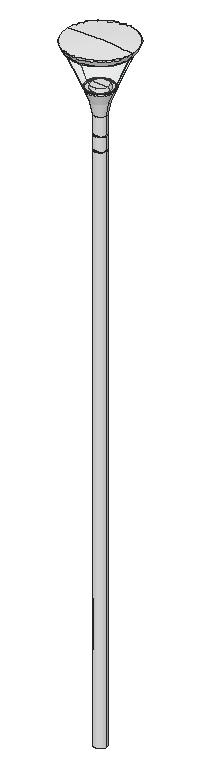
Revit family "CONV_Focus_GnrlPrpseLmnrs_SkyPark", category Lighting Fixtures, Revit 2017
Family settings
  Round Connector Dimension = Use Diameter
  Part Type = Normal
  OmniClass Number = 23.80.70.14
  OmniClass Title = Luminaries for External Lighting
  Work Plane-Based = No
  Always vertical = Yes
  Cut with Voids When Loaded = No
  Light Source = Yes
  Shared = No
  Room Calculation Point = No
Parameters (values of type "Sky Park LED 2700K, max 4550 lm")
  Youtube clip = "https://www.youtube.com/watch?v=FqFnvlRtCvg"
  Weight Net (Kg) = "8"
  Weight = "8.4 kg"
  Wattage = 10.4348 W
  WarrantyStartDate [instance] = "n/a"
  WarrantyGuarantorParts = "n/a"
  WarrantyGuarantorLabor = "n/a"
  WarrantyDurationUnit = "Hours"
  WarrantyDurationParts = "n/a"
  WarrantyDurationLabor = "n/a"
  WarrantyDescription = "n/a"
  built-in parameter 1150110 = 1 (stored number, unit not read)
  VersionDate = "25/02/2019"  # constant formula
  Version = "1"  # constant formula
  UsageCurrent = 22 A
  Uniformat II Description = ""
  Uniformat II Code = ""
  Uniclass2015Reference = "Pr_70_70_48_46"
  Uniclass2015Description = "Light-emitting diode (LED) luminaires"
  Uniclass2 = "Pr_70_70_49_43"
  Uniclass 2015 Name = ""
  Uniclass 2015 Code = ""
  Uniclass 2.0 Description = ""
  Uniclass 2.0 Code = ""
  Uniclass 1.4 Description = ""
  Uniclass 1.4 Code = ""
  URL = "https://www.focus-lighting.dk/products/sky-park/sky-park/"
  UNSPSC Code = "3911"
  TotalWattage = 40 W
  built-in parameter 1114217 = 1 (stored number, unit not read)
  Tilt Angle = -90.00°
  built-in parameter 1150109 = 1 (stored number, unit not read)
  built-in parameter 1150134 = (empty or 0)
  Technical description = "http://www.focus-lighting.dk/media/72731/skypark_eng_productdata.pdf"
  TagNumber [instance] = "n/a"
  SustainabilityPerformance = "n/a"
  built-in parameter 1150113 = 1 (stored number, unit not read)
  Size = "480 x 480 x 4618 mm"
  Shape = "Sculptured"
  SerialNumber [instance] = "n/a"
  Revision = "1"  # constant formula
  ReplacementCost = "n/a"
  Region South America = "None"
  Region Oceania = "None"
  Region North America = "None"
  Region Middle East = "None"
  Region Europe = "DE, DK, SE"
  Region Asia = "None"
  Region Antarctica = "None"
  Region Africa = "None"
  QR code = "http://bimobject.com/focuslighting/product/8830-4827"
  ProductInformation = "n/a"
  ProductDatasheet = "https://www.focus-lighting.dk/media/72731/skypark_eng_productdata.pdf"
  Product url = "http://www.focus-lighting.dk/products/sky-park/sky-park/"
  Product group = "SkyPark"
  Product family = "Outdoor"
  Product data url = "https://bimobject.com/focuslighting/product/8830-4827"
  Product certification = ""
  Product SKU = "8830-4827"
  Product Guid = "d1a2a0f7-de18-4b5b-9757-2e78987ef951"
  Photometric Web File = "Sky_827.IES"
  PhaseReference = "n/a"
  PhaseAngle = 0.00°
  OtherControlOptions = "DALI, Line switch, AmpDim; DALI via Zhaga book 18 socket"
  OmniClass Description = ""
  OmniClass Code = ""
  NumberOfSources = 0
  NumberOfPoles = 1
  NominalVoltageCalc = 220 V
  NominalVoltage = 220 V
  NominalRadius = 0 mm
  NominalFrequencyRange = 50 Hz
  NominalDiameter = 0 mm
  NominalDepth = 480 mm
  NominalCurrent = 0 A
  Nominal width = 480 mm
  Nominal height = 618 mm
  Name = "GnrlPrpseLmnrs_SkyPark"
  NBSReference = "90-60-50/405"
  NBSDescription = "General purpose luminaires"
  NBS Reference Description = ""
  NBS Reference Code = ""
  ModelReference = "8833-"
  ModelNumber = "n/a"
  Model = "Sky Park LED 2700K, max 4550 lm"
  Material secondary = "Polycarbonate"
  Material main = "Aluminium"
  Material = "Cast aluminium & polycarbonate"
  Masterformat 2014 Description = ""
  Masterformat 2014 Code = ""
  ManufacturersSpecificInformation = "n/a"
  ManufacturerURL = "https://www.focus-lighting.dk/home/"
  ManufacturerName = "Focus Lighting"
  Manufacturer name = ""
  Manufacturer country = "Denmark"
  Manufacturer = "Focus Lighting"
  MaintenanceFactor = 0
  Lumens = 1550 lm
  built-in parameter 1150115 = 1 (stored number, unit not read)
  built-in parameter 1150105 = 252.6 (stored number, unit not read)
  LightingProtectionClassification = "Class II"
  LightSource = "LED Bridgelux VERO 18"
  LightFixturePlacingType = "Floor"
  LightFixtureMountingType = "Surface"
  LightFixtureMainMaterial [instance] = Die cast aluminum graphite grey
  built-in parameter 1150137 = (empty or 0)
  built-in parameter 1150139 = (empty or 0)
  LensMaterial = Clear polycarbonate
  built-in parameter 1150112 = 1 (stored number, unit not read)
  built-in parameter 1150114 = 1 (stored number, unit not read)
  InsulationStandardClass = "n/a"
  InstallationDate [instance] = "n/a"
  Installation instructions = "http://www.focus-lighting.dk/media/5002/skypark_instruction.pdf"
  built-in parameter 1150132 = 2
  built-in parameter 1150102 = (empty or 0)
  built-in parameter 1150138 = (empty or 0)
  built-in parameter 1150107 = 2700 (stored number, unit not read)
  ImpactResistance = "IK10"
  built-in parameter 1150106 = 2.526 (stored number, unit not read)
  IfcExportType = "NOTDEFINED"  # constant formula
  IfcExportAs = "IfcLightFixtureType"  # constant formula
  IP_Code = "IP 66"
  IFC Classification = "Light Fixture"
  HasProtectiveEarth = no
  Grade = "n/a"
  GTIN code = ""
  Finish = "Cast aluminium : Graphite grey: SW302G (close to RAL 9007); Silver grey: MW300D; Corten brown: YX355F Mars 2525; Black: Noir 900 Sablé SN351F. Diffuser: Clear polycarbonate with UV-resistant acrylic. Option for screen for asymmetrical light."
  Features = "Mounting: On pole, 60 mm top diameter, or on 90 mm pole with 100 mm top pipe In case of 90 mm pole, the connection ring 8005- is required. 4.5 m PKL-lead, 2x1.5 mm2, mounted in the luminaire."
  ExpectedLife = "Min 100,000 hours"
  ElectricalDeviceNominalPower = 0
  built-in parameter 1150104 = 13.8 (stored number, unit not read)
  Edition number = 1
  DurationUnit = "Hours"
  Driver = "Xitanium Full Xi FP 40 W 0.3-1.0 A programmable"
  Dimming Lamp Color Temperature Shift = <None>
  Dimming = "8-100% programming range"
  Designer = "AART designers"
  Design country = "Denmark"
  Description = "The simple main shape of the Sky lantern reflects the direction and natural spread of light and facilitates the interaction between design and lighting technology. The high-quality materials and the elegant shape make the luminaire very suitable for a wide variety of functions. The cylindrical unit between lantern and pole offers the possibility of customized branding."
  DefaultElevation = 0 mm
  Date of publishing = "4/22/2015"
  CorrosionResistance = "C4"
  ConvergoRefNr = "0154-1802-0002-DK"
  Constituents = "n/a"
  ColourTolerance = "3 steps SDCM"
  ColourRenderingIndex = "min 80 Ra, typically 85 Ra"
  Color Filter = 16777215
  Color = "Various"
  Collection = "Sky"
  CodePerformance = "n/a"
  Category = "Outdoor"
  COBIe Type Category = ""
  Brand url = "http://focus-lighting.dk"
  Brand = "Focus Lighting"
  Barcode [instance] = "n/a"
  built-in parameter 1114218 = 1 (stored number, unit not read)
  BIMobject main category code = "lighting"
  BIMobject main category = "Lighting"
  BIMobject category code = "lighting-outside"
  BIMobject category = "Outside"
  BIMObjectName = "CONV_Focus_GnrlPrpseLmnrs_SkyPark"
  Author = "Convergo AB"  # constant formula
  built-in parameter 1150133 = 10 (stored number, unit not read)
  AssetType = "Fixed"
  AssetIdentifier [instance] = "n/a"
  ArticleNumber = "8833-"
  AccessibilityPerformance = "n/a"
Types (3, lengths in mm): name | Wattage | built-in parameter 1150134 | Photometric Web File | Model | Lumens | built-in parameter 1150105 | built-in parameter 1150107 | built-in parameter 1150106
  Sky Park LED 2700K, max 4550 lm | 10.4348 W | (empty or 0) | "Sky_827.IES" | "Sky Park LED 2700K, max 4550 lm" | 1550 lm | 252.6 (stored number, unit not read) | 2700 (stored number, unit not read) | 2.526 (stored number, unit not read)
  Sky Park LED 3000K, max 4800 lm | 11.108 W | (empty or 0) | "Sky_830.IES" | "Sky Park LED 3000K, max 4800 lm" | 1650 lm | 268.9 (stored number, unit not read) | 3000 (stored number, unit not read) | 2.689 (stored number, unit not read)
  Sky Park LED 4000K, max 4900 lm | 11.4446 W | 12 | "Sky_840.IES" | "Sky Park LED 4000K, max 4900 lm" | 1700 lm | 277.05 (stored number, unit not read) | 4000 (stored number, unit not read) | 2.7705 (stored number, unit not read)
Reference planes
  plane 1 "Light Source Axis (F/B)": y = 0
  plane 2: z = 0
  plane 3 "Light Source Axis (L/R)": x = 0
  plane 4 "Light Source Elevation": z = 4301.597
  plane 5: x = -240
  plane 6: y = 240
  plane 7: x = 240
  plane 8: y = -240
  plane 9: z = 4618
Dimensions and locks
  equal spacing: plane 5, plane 3 "Light Source Axis (L/R)", plane 7
  locked: plane 5 to plane 7 at 480
  equal spacing: plane 8, plane 1 "Light Source Axis (F/B)", plane 6
  "NominalDepth": plane 8 to plane 6
  locked: plane 9 to plane 2 at 4618
  aligned and locked: plane 3 "Light Source Axis (L/R)" to imposter light
  aligned and locked: imposter light to plane 1 "Light Source Axis (F/B)"
  aligned and locked: plane 4 "Light Source Elevation" to imposter light
  aligned and locked: level to plane 2
  aligned and locked: plane 4 "Light Source Elevation" to nested 1
Nested families
  nested 1: "SkyPark" at (0, 0, 0), BodyMaterial <- "LightFixtureMainMaterial", GlassMaterial <- "LensMaterial", type "Cast aluminum -  Sky park - Focus Lighting"
    with GlassMaterial Clear polycarbonate, BodyMaterial Die cast aluminum graphite grey
Connectors
  electrical at (0, 0, 0), driven by "NominalVoltage"
    settings: on nested 1, index 1, voltage 220 V, apparent load 0 VA, apparent load phase1 0 VA, apparent load phase2 0 VA, apparent load phase3 0 VA, power factor 1, load classification "Other", number of poles 1, system type 31, power factor state 1, is connector primary yes, connector utility no, sub classification motor no, connector description ""
Definition of nested family "SkyPark"
  Parameters (values of type "Cast aluminum -  Sky park - Focus Lighting")
    GlassMaterial [instance] = none
    BodyMaterial [instance] = none
  Reference planes
    plane 1 "Light Source Axis (F/B)": y = 0
    plane 2: z = 0
    plane 3 "Light Source Axis (L/R)": x = 0
    plane 4 "Light Source Elevation": z = 4618
    plane 5: x = 45
    plane 6: x = -45
    plane 7: y = 45
    plane 8: y = -45
    plane 9: x = 240
    plane 10: x = -240
    plane 11: y = 240
    plane 12: z = 4000
    plane 13: y = -240
    plane 14: z = 4557.597
    plane 15: z = 4301.597
  Forms (mm)
    Revolve 1, solid, material <- "BodyMaterial", detail levels medium+fine
      sketch origin (0, 0, 0) x (1, 0, 0) y (0, 0, 1)
        loop
          line (0, 0) -> (0, 4321.597) -> (-57.98, 4321.597) -> (-67.306, 4301.597) -> (-95.246, 4301.597)
          arc (-95.246, 4301.597) -> (-97.226, 4300.467) -> (-97.262, 4298.188) r 2.3
          arc (-97.262, 4298.188) -> (-62.635, 4216.784) -> (-45, 4130.097) r 439.775
          line (-45, 4130.097) -> (-45, 4002)
          arc (-45, 4002) -> (-44.414, 4000.586) -> (-43, 4000) r 2
          line (-43, 4000) -> (-30, 4000) -> (-30, 3900) -> (-43, 3900)
          arc (-43, 3900) -> (-44.414, 3899.414) -> (-45, 3898) r 2
          line (-45, 3898) -> (-45, 0) -> (0, 0)
        loop
          line (-214.652, 4557.597) -> (0, 4557.597) -> (0, 4618)
          arc (0, 4618) -> (-119.893, 4614.298) -> (-239.328, 4603.206) r 1943.212
          arc (-239.328, 4603.206) -> (-239.942, 4602.777) -> (-239.932, 4602.028) r 0.8
          line (-239.932, 4602.028) -> (-216.144, 4558.482)
          arc (-216.144, 4558.482) -> (-215.52, 4557.835) -> (-214.652, 4557.597) r 1.7
        axis (0, 4618) -> (0, 0)
      angle from 0 to 360
    Revolve 2, solid, material <- "GlassMaterial", detail levels medium+fine
      sketch origin (0, 0, -37.261) x (1, 0, 0) y (0, 0, 1)
        loop
          line (-211.794, 4594.891) -> (-211.794, 4589.91) -> (-100.388, 4341.809)
          arc (-100.388, 4341.809) -> (-98.543, 4339.66) -> (-95.827, 4338.857) r 5
          line (-95.827, 4338.857) -> (-88.76, 4338.857) -> (-88.76, 4343.481) -> (-96.754, 4343.481) -> (-207.794, 4590.767) -> (-207.794, 4594.891) -> (-211.794, 4594.891)
        axis (0, 4594.891) -> (0, 4338.857)
      angle from 0 to 360
    Extrusion 3, solid, material <- "BodyMaterial", detail levels coarse
      sketch origin (0, 0, 0) x (1, 0, 0) y (0, 1, 0)
        loop
          line (-240, 240) -> (-240, -240) -> (240, -240) -> (240, 240) -> (-240, 240)
      from 0 to 4618
    Extrusion 4, void
      sketch origin (0, -4.238, 0) x (0, 1, 0) y (0, 0, 1)
        loop
          arc (-36.696, 647.497) -> (4.238, 606.562) -> (45.172, 647.497) r 40.934
          line (45.172, 647.497) -> (45.172, 952.111)
          arc (45.172, 952.111) -> (4.238, 993.045) -> (-36.696, 952.111) r 40.934
          line (-36.696, 952.111) -> (-36.696, 647.497)
        loop
          line (-34.696, 952.111) -> (-34.696, 647.497)
          arc (-34.696, 647.497) -> (4.238, 608.562) -> (43.172, 647.497) r 38.934
          line (43.172, 647.497) -> (43.172, 952.111)
          arc (43.172, 952.111) -> (4.238, 991.045) -> (-34.696, 952.111) r 38.934
      from -72.55 to -5.7
    Revolve 5, solid, material <- "BodyMaterial", detail levels medium+fine
      sketch origin (0, 0, 0) x (1, 0, 0) y (0, 0, 1)
        loop
          arc (-43, 4000) -> (-44.414, 3999.414) -> (-45, 3998) r 2
          line (-45, 3998) -> (-45, 3902)
          arc (-45, 3902) -> (-44.414, 3900.586) -> (-43, 3900) r 2
          line (-43, 3900) -> (-30, 3900) -> (-30, 4000) -> (-43, 4000)
        axis (0, 4000) -> (0, 3900)
      angle from 0 to 360
  Cuts and joins
    Extrusion 4 cuts Revolve 1
  Lines and regions (mm)
    symbolic lines, detail levels medium+fine
      curve 1: circle (0, 0, 0) r 240 normal (0, 0, 1)
      curve 2: line (-45, 0, 0) -> (45, 0, 0)
      curve 3: line (45, 0, 0) -> (45, 0, 4130.097)
      curve 4: line (-45, 0, 0) -> (-45, 0, 4130.097)
      curve 5: line (-214.652, 0, 4557.597) -> (-211.794, 0, 4557.597)
      curve 6: line (0, -45, 0) -> (0, 45, 0)
      curve 7: line (0, 45, 0) -> (0, 45, 4130.097)
      curve 8: line (0, -45, 0) -> (0, -45, 4130.097)
      curve 16: line (-239.938, 0, 4602.04) -> (-216.144, 0, 4558.482)
      curve 17: arc (-239.239, 0, 4603.218) -> (-239.924, 0, 4602.828) -> (-239.938, 0, 4602.04) r 0.796
      curve 18: arc (-216.144, 0, 4558.482) -> (-215.52, 0, 4557.835) -> (-214.652, 0, 4557.597) r 1.7
      curve 20: arc (-97.246, 0, 4298.183) -> (-62.51, 0, 4216.817) -> (-45, 0, 4130.097) r 433.875
      curve 21: line (-211.794, 0, 4552.65) -> (-211.794, 0, 4557.597)
      curve 23: line (214.652, 0, 4557.597) -> (211.794, 0, 4557.597)
      curve 24: line (239.938, 0, 4602.04) -> (216.144, 0, 4558.482)
      curve 25: arc (239.239, 0, 4603.218) -> (239.924, 0, 4602.828) -> (239.938, 0, 4602.04) r 0.796
      curve 26: arc (216.144, 0, 4558.482) -> (215.52, 0, 4557.835) -> (214.652, 0, 4557.597) r 1.7
      curve 27: line (211.794, 0, 4552.65) -> (211.794, 0, 4557.597)
      curve 28: arc (-239.239, 0, 4603.218) -> (0, 0, 4618) -> (239.239, 0, 4603.218) r 1943.392
      curve 29: line (-211.794, 0, 4552.65) -> (-100.388, 0, 4304.549)
      curve 31: arc (97.246, 0, 4298.183) -> (62.51, 0, 4216.817) -> (45, 0, 4130.097) r 433.875
      curve 32: line (211.794, 0, 4552.65) -> (100.388, 0, 4304.549)
      curve 35: arc (-97.246, 0, 4298.183) -> (-97.215, 0, 4300.465) -> (-95.234, 0, 4301.597) r 2.3
      curve 36: arc (95.42, 0, 4301.589) -> (95.327, 0, 4301.595) -> (95.234, 0, 4301.597) r 2.3
      curve 37: arc (-100.388, 0, 4304.549) -> (-98.291, 0, 4302.235) -> (-95.234, 0, 4301.597) r 5.05
      curve 38: arc (100.388, 0, 4304.549) -> (98.371, 0, 4302.285) -> (95.42, 0, 4301.589) r 5.036
      curve 39: arc (95.42, 0, 4301.589) -> (97.261, 0, 4300.383) -> (97.246, 0, 4298.183) r 2.3
      curve 41: line (0, 211.794, 4552.65) -> (0, 100.388, 4304.549)
      curve 43: arc (0, 97.28, 4298.195) -> (0, 62.782, 4216.745) -> (0, 45, 4130.097) r 446.944
      curve 44: arc (0, 95.261, 4301.597) -> (0, 97.239, 4300.47) -> (0, 97.28, 4298.195) r 2.3
      curve 45: arc (0, 100.388, 4304.549) -> (0, 98.302, 4302.243) -> (0, 95.261, 4301.597) r 5.046
      curve 46: line (0, -211.794, 4552.65) -> (0, -100.388, 4304.549)
      curve 47: arc (0, -97.28, 4298.195) -> (0, -62.782, 4216.745) -> (0, -45, 4130.097) r 446.944
      curve 48: arc (0, -95.261, 4301.597) -> (0, -97.239, 4300.47) -> (0, -97.28, 4298.195) r 2.3
      curve 49: arc (0, -100.388, 4304.549) -> (0, -98.302, 4302.243) -> (0, -95.261, 4301.597) r 5.046
      curve 50: line (0, 211.794, 4552.65) -> (0, 211.794, 4557.597)
      curve 51: arc (0, 239.328, 4603.206) -> (0, 0, 4618) -> (0, -239.328, 4603.206) r 1943.212
      curve 52: line (0, 216.144, 4558.482) -> (0, 239.932, 4602.028)
      curve 53: line (0, 214.652, 4557.597) -> (0, 211.794, 4557.597)
      curve 54: arc (0, 239.328, 4603.206) -> (0, 239.942, 4602.777) -> (0, 239.932, 4602.028) r 0.8
      curve 55: arc (0, 216.144, 4558.482) -> (0, 215.52, 4557.835) -> (0, 214.652, 4557.597) r 1.7
      curve 56: line (0, -211.794, 4552.65) -> (0, -211.794, 4557.597)
      curve 57: line (0, -216.144, 4558.482) -> (0, -239.932, 4602.028)
      curve 58: line (0, -214.652, 4557.597) -> (0, -211.794, 4557.597)
      curve 59: arc (0, -239.328, 4603.206) -> (0, -239.942, 4602.777) -> (0, -239.932, 4602.028) r 0.8
      curve 60: arc (0, -216.144, 4558.482) -> (0, -215.52, 4557.835) -> (0, -214.652, 4557.597) r 1.7
    symbolic lines, detail levels fine
      curve 9: arc (0, -40.934, 952.111) -> (0, 0, 993.045) -> (0, 40.934, 952.111) r 40.934
      curve 10: line (0, 40.934, 647.497) -> (0, 40.934, 952.111)
      curve 11: arc (0, -40.934, 647.497) -> (0, 0, 606.562) -> (0, 40.934, 647.497) r 40.934
      curve 12: arc (0, 38.934, 647.497) -> (0, 0, 608.562) -> (0, -38.934, 647.497) r 38.934
      curve 13: line (0, 38.934, 952.111) -> (0, 38.934, 647.497)
      curve 14: line (0, -38.934, 647.497) -> (0, -38.934, 952.111)
      curve 15: arc (0, -38.934, 952.111) -> (0, 0, 991.045) -> (0, 38.934, 952.111) r 38.934
      curve 19: line (0, -40.934, 952.111) -> (0, -40.934, 647.497)
      curve 22: line (-211.794, 0, 4557.597) -> (211.794, 0, 4557.597)
      curve 30: line (-95.234, 0, 4301.597) -> (95.234, 0, 4301.597)
      curve 33: line (-45, 0, 4130.097) -> (45, 0, 4130.097)
      curve 34: line (-239.938, 0, 4602.04) -> (239.938, 0, 4602.04)
      curve 40: line (0, 45, 4130.097) -> (0, -45, 4130.097)
      curve 42: line (0, -95.261, 4301.597) -> (0, 95.261, 4301.597)
      curve 61: line (0, 211.794, 4557.597) -> (0, -211.794, 4557.597)
      curve 62: line (0, 239.932, 4602.028) -> (0, -239.932, 4602.028)
      curve 63: line (0, -45, 3900) -> (0, 45, 3900)
      curve 64: line (0, -45, 4000) -> (0, 45, 4000)
      curve 65: line (-45, 0, 4000) -> (45, 0, 4000)
      curve 66: line (45, 0, 3900) -> (-45, 0, 3900)
      curve 67: line (-22.564, 0, 952.111) -> (-22.564, 0, 647.497)
      curve 68: line (-18.692, 0, 647.497) -> (-18.692, 0, 952.111)
      curve 69: line (-45, 0, 991.045) -> (-22.564, 0, 952.111)
      curve 70: line (-22.564, 0, 647.497) -> (-45, 0, 608.562)
      curve 71: line (-18.692, 0, 647.497) -> (-45, 0, 606.562)
      curve 72: line (-18.692, 0, 952.111) -> (-45, 0, 993.045)
  Dimensions and locks
    equal spacing: plane 6, plane 3 "Light Source Axis (L/R)", plane 5
    equal spacing: plane 7, plane 1 "Light Source Axis (F/B)", plane 8
    plane 7 to plane 8 = 90 mm
    plane 6 to plane 5 = 90 mm
    equal spacing: plane 10, plane 3 "Light Source Axis (L/R)", plane 9
    equal spacing: plane 11, plane 1 "Light Source Axis (F/B)", plane 13
    plane 11 to plane 13 = 480 mm
    plane 10 to plane 9 = 480 mm
    locked: plane 4 "Light Source Elevation" to plane 12 at 618
    locked: plane 12 to plane 2 at 4000
    locked: plane 14 to plane 15 at 256
    diameter of curve 1 = 480 mm
    aligned and locked: level to plane 2
    aligned and locked: Extrusion 3 sketch curve to plane 11
    aligned and locked: Extrusion 3 sketch curve to plane 10
    aligned and locked: Extrusion 3 sketch curve to plane 13
    aligned and locked: Extrusion 3 sketch curve to plane 9
  Automatic sketch dimensions
    Extrusion 4 sketch curve to Extrusion 4 sketch curve = 0 mm  (x4)
    Extrusion 4 sketch curve to plane 1 "Light Source Axis (F/B)" = 0 mm
    Extrusion 4 sketch curve to plane 8 = 6.066 mm
    Extrusion 4 sketch curve to Extrusion 4 sketch curve = 2 mm
    level to Extrusion 4 sketch curve = 647.497 mm
    Extrusion 4 sketch curve to Extrusion 4 sketch curve = 304.614 mm
    Revolve 2 sketch curve to plane 15 = 0 mm
    Revolve 2 sketch curve to plane 3 "Light Source Axis (L/R)" = 0 mm
    plane 6 to Revolve 2 sketch curve = 43.76 mm
    Revolve 2 sketch curve to Revolve 2 sketch curve = 7.067 mm
    Revolve 2 sketch curve to Revolve 2 sketch curve = 0.927 mm
    Revolve 2 sketch curve to plane 15 = 2.952 mm
    Revolve 2 sketch curve to Revolve 2 sketch curve = 3.634 mm
    Revolve 2 sketch curve to plane 14 = 0.034 mm
    Revolve 2 sketch curve to plane 10 = 32.206 mm
    plane 14 to Revolve 2 sketch curve = 4.947 mm
    Revolve 2 sketch curve to Revolve 2 sketch curve = 4 mm
    Revolve 2 sketch curve to Revolve 2 sketch curve = 0.376 mm
    plane 14 to Revolve 2 sketch curve = 4.09 mm
    plane 14 to Revolve 2 sketch curve = 64.424 mm
    Revolve 2 sketch curve to plane 14 = 23.143 mm
    Revolve 1 sketch curve to plane 14 = 0 mm
    Revolve 1 sketch curve to plane 15 = 0 mm
    Revolve 1 sketch curve to level = 0 mm
    plane 6 to Revolve 1 sketch curve = 0 mm
    Revolve 1 sketch curve to plane 6 = 0 mm
    Revolve 1 sketch curve to plane 12 = 0 mm
    Revolve 1 sketch curve to plane 3 "Light Source Axis (L/R)" = 0 mm  (x3)
    Revolve 1 sketch curve to plane 4 "Light Source Elevation" = 0 mm  (x2)
    plane 6 to Revolve 1 sketch curve = 12.98 mm
    Revolve 1 sketch curve to Revolve 1 sketch curve = 9.326 mm
    Revolve 1 sketch curve to Revolve 1 sketch curve = 27.94 mm
    Revolve 1 sketch curve to plane 14 = 1.7 mm
    Revolve 1 sketch curve to plane 10 = 25.348 mm
    Revolve 1 sketch curve to plane 14 = 0.885 mm
    Revolve 1 sketch curve to plane 10 = 0.77 mm
    Revolve 1 sketch curve to plane 10 = 0.068 mm
    plane 12 to Revolve 1 sketch curve = 86.218 mm
    plane 10 to Revolve 1 sketch curve = 242.58 mm
    Revolve 1 sketch curve to Revolve 1 sketch curve = 2 mm
    Revolve 1 sketch curve to plane 6 = 2 mm
    Revolve 1 sketch curve to Revolve 1 sketch curve = 13 mm
    Revolve 1 sketch curve to plane 12 = 1325.212 mm
    Revolve 1 sketch curve to Revolve 1 sketch curve = 102 mm
    Revolve 1 sketch curve to Revolve 1 sketch curve = 128.097 mm
    Revolve 1 sketch curve to Revolve 1 sketch curve = 2.3 mm
    Revolve 1 sketch curve to plane 15 = 20 mm
    plane 4 "Light Source Elevation" to Revolve 1 sketch curve = 15.972 mm
    Revolve 1 sketch curve to Revolve 1 sketch curve = 0.384 mm
    plane 14 to Revolve 1 sketch curve = 106.056 mm
    Revolve 5 sketch curve to plane 6 = 0 mm
    Revolve 5 sketch curve to plane 12 = 0 mm  (x2)
    Revolve 5 sketch curve to plane 3 "Light Source Axis (L/R)" = 0 mm
    Revolve 5 sketch curve to Revolve 5 sketch curve = 2 mm
    Revolve 5 sketch curve to plane 6 = 2 mm
    Revolve 5 sketch curve to Revolve 5 sketch curve = 13 mm
    Revolve 5 sketch curve to Revolve 5 sketch curve = 96 mm
    Revolve 5 sketch curve to plane 12 = 40 mm
    curve 9 to curve 15 = 0 mm
    curve 11 to curve 12 = 0 mm  (x2)
    plane 14 to curve 60 = 0 mm
    plane 15 to curve 48 = 0 mm
    curve 40 to plane 8 = 0 mm
    curve 15 to plane 1 "Light Source Axis (F/B)" = 0 mm
    curve 51 to plane 1 "Light Source Axis (F/B)" = 0 mm
    curve 64 to plane 7 = 0 mm
    curve 6 to level = 0 mm
    curve 64 to plane 12 = 0 mm
    plane 8 to curve 42 = 50.261 mm
    curve 49 to curve 48 = 0.524 mm
    curve 46 to plane 15 = 2.952 mm
    curve 46 to curve 49 = 4.603 mm
    plane 14 to curve 56 = 4.947 mm
    curve 56 to plane 13 = 28.206 mm
    curve 60 to curve 56 = 2.858 mm
    curve 57 to plane 14 = 0.885 mm
    curve 57 to curve 60 = 1.492 mm
    curve 59 to plane 13 = 0.77 mm
    curve 57 to plane 13 = 0.068 mm
    plane 12 to curve 47 = 84.014 mm
    plane 13 to curve 47 = 249.562 mm
    curve 19 to plane 8 = 4.066 mm
    curve 19 to curve 14 = 2 mm
    plane 7 to curve 42 = 50.261 mm
    curve 45 to curve 45 = 0.524 mm
    curve 41 to plane 15 = 2.952 mm
    curve 45 to curve 41 = 4.603 mm
    curve 53 to plane 11 = 28.206 mm
    curve 50 to curve 53 = 2.858 mm
    curve 52 to plane 14 = 0.885 mm
    curve 55 to curve 52 = 1.492 mm
    curve 54 to plane 11 = 0.77 mm
    curve 52 to plane 11 = 0.068 mm
    plane 12 to curve 43 = 84.014 mm
    plane 11 to curve 43 = 249.562 mm
    level to curve 19 = 647.497 mm
    curve 10 to curve 10 = 304.614 mm
    curve 51 to plane 12 = 1325.212 mm
    plane 12 to curve 40 = 130.097 mm
    plane 15 to curve 44 = 2.3 mm
    plane 15 to curve 48 = 2.3 mm
    plane 14 to curve 41 = 4.947 mm
    plane 4 "Light Source Elevation" to curve 57 = 15.972 mm
    curve 54 to curve 54 = 0.384 mm
    curve 57 to curve 59 = 0.384 mm
    curve 51 to curve 59 = 0 mm
    curve 63 to plane 12 = 100 mm
    curve 36 to curve 39 = 0 mm  (x2)
    curve 5 to plane 14 = 0 mm
    curve 35 to plane 15 = 0 mm
    curve 66 to plane 6 = 0 mm
    curve 28 to plane 3 "Light Source Axis (L/R)" = 0 mm
    curve 33 to plane 5 = 0 mm
    curve 2 to level = 0 mm
    curve 65 to plane 12 = 0 mm
    plane 6 to curve 30 = 50.234 mm
    curve 37 to curve 35 = 0.547 mm
    curve 29 to plane 15 = 2.952 mm
    curve 29 to curve 37 = 4.607 mm
    plane 14 to curve 21 = 4.947 mm
    curve 21 to plane 10 = 28.206 mm
    curve 18 to curve 5 = 2.858 mm
    curve 16 to plane 14 = 0.885 mm
    curve 16 to curve 18 = 1.492 mm
    curve 17 to plane 10 = 0.761 mm
    curve 34 to plane 10 = 0.062 mm
    plane 12 to curve 20 = 88.034 mm
    plane 10 to curve 20 = 236.832 mm
    plane 15 to curve 36 = 2.3 mm
    plane 5 to curve 36 = 50.234 mm
    curve 36 to curve 38 = 0.56 mm
    curve 32 to plane 15 = 2.952 mm
    curve 38 to curve 32 = 4.594 mm
    curve 27 to plane 9 = 28.206 mm
    curve 22 to curve 26 = 2.858 mm
    curve 24 to plane 14 = 0.885 mm
    curve 26 to curve 24 = 1.492 mm
    curve 25 to plane 9 = 0.761 mm
    curve 34 to plane 9 = 0.062 mm
    plane 12 to curve 31 = 88.034 mm
    plane 9 to curve 31 = 236.832 mm
    curve 28 to plane 12 = 1325.392 mm
    plane 12 to curve 33 = 130.097 mm
    plane 15 to curve 35 = 2.3 mm
    curve 32 to curve 38 = 2.063 mm
    plane 14 to curve 27 = 4.947 mm
    plane 4 "Light Source Elevation" to curve 16 = 15.96 mm
    curve 25 to curve 25 = 0.382 mm
    curve 66 to plane 12 = 100 mm
    curve 1 to plane 3 "Light Source Axis (L/R)" = 0 mm
    plane 1 "Light Source Axis (F/B)" to curve 1 = 0 mm
    curve 67 to plane 6 = 22.436 mm
    level to curve 67 = 952.111 mm
    curve 67 to curve 68 = 3.872 mm
    curve 68 to curve 69 = 304.614 mm
    curve 67 to curve 68 = 0 mm
    curve 68 to curve 69 = 0 mm
    curve 67 to curve 69 = 38.934 mm
    curve 70 to curve 67 = 38.934 mm
    curve 71 to curve 70 = 2 mm
    curve 69 to curve 72 = 2 mm
